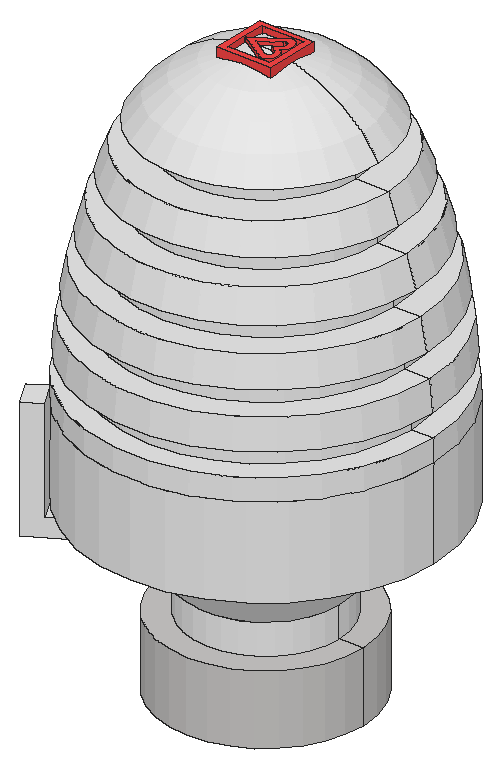
Revit family "HERZ-Design-Thermostatic Sensor M28x1.5 9260", category Rohrzubehör, Revit 2018
Family settings
  Bemaßung runder Anschluss = Durchmesser verwenden
  Teiletyp = Normal
  OmniClass-Nummer = 23.65.55.14
  OmniClass-Titel = Valves for Liquid Services
  Arbeitsebenenbasiert = Nein
  Immer vertikal = Nein
  Beim Laden mit Abzugskörper schneiden = Nein
  Gemeinsam genutzt = Nein
Parameters
  URL = "www.herzvalves.com"
  Set value range = "6-28°C"  # constant formula
  S02 = 60.000 mm  # constant formula
  S01 = 90.000 mm  # constant formula
  Part number = 1926006  # constant formula
  Operation = "The HERZ thermostat serves as a room temperature sensing and control unit.\r\nThe change in volume of the liquid contained in the hydrosensor actuates the valve spindle."
  Hersteller = "HERZ Armaturen Ges.m.b.H."  # constant formula
  Hand wheel = "plastic, white"  # constant formula
  Frost protection = 6 °C  # constant formula
  Finish = "Radiator Thermostat With Hydrosensor (liquid filled)\r\nWith automatic frost release, limitation and locking of selected temperature range,\r\nhandwheel white."
  Application = "Can be combined with any HERZ-valve suitable for thermostatic operation."
Reference planes
  plane 1 "Mitte (Vorne/hinten)": y = 0
  plane 2: z = 0
  plane 3 "Mitte (Links/rechts)": x = 0
Forms (mm)
  Revolve 1, solid, material "Kunststoff weiß", detail levels fine
    sketch origin (0, 0, 0) x (1, 0, 0) y (0, 0, 1)
      loop
        line (0, 0) -> (0, 90)
        arc (0, 90) -> (-10.767, 87.197) -> (-18.8, 79.5) r 22.08
        arc (-18.8, 79.5) -> (-25.672, 59.356) -> (-28, 38.2) r 97.301
        line (-28, 38.2) -> (-28, 23.2) -> (-23.25, 23.2) -> (-23.25, 20.5) -> (-20.4, 20.5) -> (-20.4, 19.7) -> (-12.2, 11.5) -> (-12.2, 4.8) -> (-13.2, 4.8) -> (-13.2, 0) -> (0, 0)
      axis (0, 90) -> (0, 0)
    angle from 0 to 360
  Extrusion 2, solid, material "Kunststoff weiß", detail levels fine
    sketch origin (0, 0, 0) x (0.866025, 0.5, 0) y (0, 0, 1)
      loop
        line (-28.5, 36.04) -> (-31.75, 36.04) -> (-31.75, 16.2) -> (-20.85, 16.2) -> (-20.85, 20.5) -> (-23.25, 20.5) -> (-23.25, 21.5) -> (-24.578, 19.2) -> (-28.5, 19.2) -> (-28.5, 36.04)
    from 2.5 to -2.5
  Extrusion 3, solid, material "Kunststoff weiß", detail levels fine
    sketch origin (0, 0, 0) x (0, 1, 0) y (0, 0, 1)
      loop
        arc (0.75, 19.2) -> (1.987, 19.713) -> (2.5, 20.95) r 1.75
        line (2.5, 20.95) -> (2.5, 32.2) -> (-2.5, 32.2) -> (-2.5, 20.95)
        arc (-2.5, 20.95) -> (-1.987, 19.713) -> (-0.75, 19.2) r 1.75
        line (-0.75, 19.2) -> (0.75, 19.2)
    from 0 to -31.5
  Revolve 4, solid, material "Messing verzinkt", detail levels fine
    sketch origin (0, 0, 0) x (1, 0, 0) y (0, 0, 1)
      loop
        line (0, 0) -> (0, 6.5) -> (-16.25, 6.5) -> (-16.25, -5) -> (-14, -5) -> (-14, 0) -> (0, 0)
      axis (0, 6.5) -> (0, -5)
    angle from 0 to 360
  Revolve 5, void
    sketch origin (0, 0, 0) x (1, 0, 0) y (0, 0, 1)
      loop
        arc (-18.8, 79.5) -> (-19.64, 77.659) -> (-20.442, 75.8) r 97.301
        line (-20.442, 75.8) -> (-14.951, 75.8) -> (-14.951, 79.5) -> (-18.8, 79.5)
      loop
        line (-27.933, 41.8) -> (-24.226, 41.8) -> (-24.226, 45.5) -> (-27.726, 45.5)
        arc (-27.726, 45.5) -> (-27.847, 43.651) -> (-27.933, 41.8) r 97.301
      loop
        arc (-22.197, 71.3) -> (-22.843, 69.456) -> (-23.452, 67.6) r 97.301
        line (-23.452, 67.6) -> (-18.697, 67.6) -> (-18.697, 71.3) -> (-22.197, 71.3)
      loop
        arc (-24.865, 62.7) -> (-25.326, 60.854) -> (-25.751, 59) r 97.301
        line (-25.751, 59) -> (-21.365, 59) -> (-21.365, 62.7) -> (-24.865, 62.7)
      loop
        arc (-26.692, 54.1) -> (-26.98, 52.253) -> (-27.232, 50.4) r 97.301
        line (-27.232, 50.4) -> (-23.192, 50.4) -> (-23.192, 54.1) -> (-26.692, 54.1)
      axis (0, 79.5) -> (0, 41.8)
    angle from 0 to 360
Cuts and joins
  Revolve 5 cuts Revolve 1
Lines and regions (mm)
  model lines, detail levels coarse+medium
    curve 1: line (0, 0, 0) -> (0, 0, 30)
    curve 2: line (0, 0.018, 0) -> (30, 0.018, 0)
    curve 3: circle (0, 0, 60) r 30 normal (0, -1, 0)
    curve 4: circle (0, 0, 60) r 30 normal (1, 0, 0)
    curve 5: line (0, 0, 40) -> (0, 0, 80)
    curve 6: line (0, 17.5, 80) -> (0, -17.5, 80)
    curve 7: line (0, 0, 40) -> (0, 0, 80)
    curve 8: line (-17.5, 0, 80) -> (17.5, 0, 80)
    curve 9: circle (60, 0.018, 0) r 30 normal (0, 0, 1)
    curve 10: line (40, 0.018, 0) -> (80, 0.018, 0)
    curve 11: line (80, -17.482, 0) -> (80, 17.518, 0)
Dimensions and locks
  nested 1 to plane 2 = 89.000 mm
  "S01": curve 4 to plane 2
  "S01": curve 3 to plane 2
  "S01": plane 3 "Mitte (Links/rechts)" to curve 9
  "S02": diameter of curve 3
  "S02": diameter of curve 4
  "S02": diameter of curve 9
  aligned and locked: level to plane 2
Automatic sketch dimensions
  Revolve 1 sketch curve to level = 0.000 mm
  Revolve 1 sketch curve to plane 3 "Mitte (Links/rechts)" = 0.000 mm  (x2)
  Revolve 1 sketch curve to plane 3 "Mitte (Links/rechts)" = 12.200 mm
  Revolve 1 sketch curve to Revolve 1 sketch curve = 1.000 mm
  Revolve 1 sketch curve to Revolve 1 sketch curve = 8.200 mm  (x2)
  Revolve 1 sketch curve to Revolve 1 sketch curve = 2.850 mm
  Revolve 1 sketch curve to Revolve 1 sketch curve = 4.750 mm
  plane 3 "Mitte (Links/rechts)" to Revolve 1 sketch curve = 69.301 mm
  level to Revolve 1 sketch curve = 4.800 mm
  Revolve 1 sketch curve to Revolve 1 sketch curve = 6.700 mm
  Revolve 1 sketch curve to Revolve 1 sketch curve = 0.800 mm
  Revolve 1 sketch curve to Revolve 1 sketch curve = 2.700 mm
  Revolve 1 sketch curve to Revolve 1 sketch curve = 15.000 mm
  Revolve 1 sketch curve to Revolve 1 sketch curve = 29.720 mm
  Revolve 1 sketch curve to Revolve 1 sketch curve = 22.080 mm
  Revolve 1 sketch curve to level = 366.045 mm
  Revolve 1 sketch curve to Revolve 1 sketch curve = 0.000 mm
  level to Extrusion 2 sketch curve = 36.040 mm
  Extrusion 2 sketch curve to Extrusion 2 sketch curve = 3.250 mm
  Extrusion 2 sketch curve to Extrusion 2 sketch curve = 3.922 mm
  level to Extrusion 2 sketch curve = 21.500 mm
  Extrusion 2 sketch curve to Extrusion 2 sketch curve = 1.328 mm
  Extrusion 2 sketch curve to Extrusion 2 sketch curve = 3.728 mm
  Extrusion 2 sketch curve to Extrusion 2 sketch curve = 1.000 mm
  Extrusion 2 sketch curve to Extrusion 2 sketch curve = 1.300 mm
  Extrusion 2 sketch curve to Extrusion 2 sketch curve = 3.000 mm
  plane 1 "Mitte (Vorne/hinten)" to Extrusion 3 sketch curve = 2.500 mm
  plane 1 "Mitte (Vorne/hinten)" to Extrusion 3 sketch curve = 0.750 mm
  Extrusion 3 sketch curve to plane 1 "Mitte (Vorne/hinten)" = 0.750 mm
  Extrusion 3 sketch curve to plane 1 "Mitte (Vorne/hinten)" = 2.500 mm
  level to Extrusion 3 sketch curve = 19.200 mm
  Extrusion 3 sketch curve to Extrusion 3 sketch curve = 11.250 mm
  Revolve 4 sketch curve to level = 0.000 mm
  Revolve 4 sketch curve to plane 3 "Mitte (Links/rechts)" = 0.000 mm  (x2)
  Revolve 4 sketch curve to level = 5.000 mm
  Revolve 4 sketch curve to plane 3 "Mitte (Links/rechts)" = 14.000 mm
  Revolve 4 sketch curve to Revolve 4 sketch curve = 2.250 mm
  level to Revolve 4 sketch curve = 6.500 mm
  Revolve 4 sketch curve to Revolve 4 sketch curve = 361.045 mm
  Revolve 4 sketch curve to Revolve 4 sketch curve = 2207.815 mm
  Revolve 5 sketch curve to Revolve 5 sketch curve = 0.000 mm  (x20)
  Revolve 5 sketch curve to plane 3 "Mitte (Links/rechts)" = 0.000 mm
  Revolve 5 sketch curve to plane 3 "Mitte (Links/rechts)" = 14.951 mm
  Revolve 5 sketch curve to Revolve 5 sketch curve = 3.746 mm
  Revolve 5 sketch curve to Revolve 5 sketch curve = 3.849 mm
  Revolve 5 sketch curve to Revolve 5 sketch curve = 1.642 mm
  Revolve 5 sketch curve to Revolve 5 sketch curve = 2.668 mm
  Revolve 5 sketch curve to Revolve 5 sketch curve = 3.500 mm  (x4)
  Revolve 5 sketch curve to Revolve 5 sketch curve = 1.827 mm
  Revolve 5 sketch curve to Revolve 5 sketch curve = 1.255 mm
  Revolve 5 sketch curve to Revolve 5 sketch curve = 1.034 mm
  Revolve 5 sketch curve to Revolve 5 sketch curve = 0.886 mm
  Revolve 5 sketch curve to Revolve 5 sketch curve = 0.540 mm
  Revolve 5 sketch curve to Revolve 5 sketch curve = 0.208 mm
  level to Revolve 5 sketch curve = 38.200 mm
  plane 3 "Mitte (Links/rechts)" to Revolve 5 sketch curve = 69.301 mm
  level to Revolve 5 sketch curve = 41.800 mm
  Revolve 5 sketch curve to Revolve 5 sketch curve = 4.900 mm  (x3)
  Revolve 5 sketch curve to Revolve 5 sketch curve = 4.500 mm
  Revolve 5 sketch curve to level = 366.045 mm
  Revolve 5 sketch curve to Revolve 5 sketch curve = 2134.815 mm
  curve 5 to plane 1 "Mitte (Vorne/hinten)" = 0.000 mm
  curve 4 to plane 1 "Mitte (Vorne/hinten)" = 0.000 mm
  plane 1 "Mitte (Vorne/hinten)" to curve 6 = 17.500 mm
  curve 5 to curve 6 = 17.500 mm
  curve 5 to curve 4 = 20.000 mm
  curve 4 to curve 6 = 20.000 mm
  curve 3 to plane 3 "Mitte (Links/rechts)" = 0.000 mm
  curve 7 to plane 3 "Mitte (Links/rechts)" = 0.000 mm
  curve 1 to plane 3 "Mitte (Links/rechts)" = 0.000 mm
  curve 1 to level = 0.000 mm
  curve 8 to curve 7 = 17.500 mm
  plane 3 "Mitte (Links/rechts)" to curve 8 = 17.500 mm
  curve 1 to curve 7 = 10.000 mm
  curve 3 to curve 8 = 20.000 mm
  curve 2 to plane 3 "Mitte (Links/rechts)" = 0.000 mm
  curve 9 to plane 1 "Mitte (Vorne/hinten)" = 0.018 mm
  curve 10 to plane 1 "Mitte (Vorne/hinten)" = 0.018 mm
  curve 2 to curve 10 = 10.000 mm
  curve 9 to curve 11 = 20.000 mm
  plane 1 "Mitte (Vorne/hinten)" to curve 11 = 17.482 mm
  curve 2 to plane 1 "Mitte (Vorne/hinten)" = 0.018 mm
  curve 10 to curve 11 = 17.500 mm
Nested families
  nested 1: "Herz-Logo" at (0, 0, 89) x (0, -1, 0) z (0, 0, 1), type "Herz-Logo"
Definition of nested family "Herz-Logo"
  Reference planes
    plane 1 "Mitte (Vorne/hinten)": y = 0
    plane 2: z = 0
    plane 3 "Mitte (Links/rechts)": x = 0
  Forms (mm)
    Extrusion 1, solid
      sketch origin (0, 0, 0) x (1, 0, 0) y (0, 1, 0)
        loop
          line (-0.018, -4.517) -> (4.482, -4.517) -> (4.482, 4.483) -> (-4.518, 4.483) -> (-4.518, -4.517) -> (-0.018, -4.517)
        loop
          line (-0.05, -3.48) -> (3.482, -3.48) -> (3.482, 3.483) -> (-3.518, 3.483) -> (-3.518, -3.48) -> (-0.05, -3.48)
        loop
          arc (-0.018, 2.383) -> (-1.543, 3.287) -> (-3.067, 2.383) r 1.738
          arc (-3.067, 2.383) -> (-3.191, 1.899) -> (-3.067, 1.415) r 1.009
          line (-3.067, 1.415) -> (-0.018, -3.281) -> (3.032, 1.415)
          arc (3.032, 1.415) -> (3.156, 1.899) -> (3.032, 2.383) r 1.009
          arc (3.032, 2.383) -> (1.507, 3.287) -> (-0.018, 2.383) r 1.738
        loop
          arc (1.885, 1.272) -> (2.005, 1.675) -> (1.885, 2.079) r 0.74
          arc (1.885, 2.079) -> (1.265, 2.416) -> (0.644, 2.079) r 0.74
          line (0.644, 2.079) -> (-0.018, 0.97) -> (-0.679, 2.079)
          arc (-0.679, 2.079) -> (-1.3, 2.416) -> (-1.921, 2.079) r 0.74
          arc (-1.921, 2.079) -> (-2.04, 1.675) -> (-1.921, 1.272) r 0.74
          line (-1.921, 1.272) -> (-0.018, -1.658) -> (1.885, 1.272)
      from 0 to 1.5
  Dimensions and locks
    aligned and locked: level to plane 2
